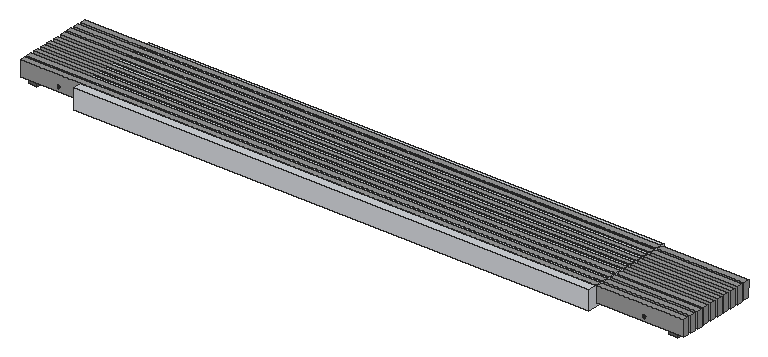
Revit family "1213-10, Veneer", category Generic Models, host Face, Revit 2020
Family settings
  Host = Face
  Can host rebar = No
  Round Connector Dimension = Use Diameter
  Part Type = Normal
  Cut with Voids When Loaded = No
  Shared = No
  Room Calculation Point = No
Parameters
  min_value [instance] = 1' - 11 1/4"  # constant formula
  max_value [instance] = 9' - 11 1/4"  # constant formula
  actual_value [instance] = if(NET LENGTH < min_value, min_value, if(NET LENGTH > max_value, max_value, NET LENGTH))  # 7' - 11 1/4"
  NET LENGTH [instance] = 7' - 11 1/4"
  IMPORTANT NOTE!!!                                                                             *Backer & dowel layout is for visualization purposes only, final layout to be determined by 9Wood. [instance] = ""
  Default Elevation = 4' - 0"
  DOWEL RADIUS [instance] = 0' - 0 1/4"  # constant formula
  BACKING M MATERIAL [instance] = BLACK-BACKERS
  .. MEMBER WIDTH [instance] = 0' - 0 3/4"  # constant formula
  .. MEMBER MATERIAL [instance] = Veneer Cherry
  .. MEMBER DEPTH [instance] = 0' - 2 1/4"  # constant formula
  .. MEMBER COUNT [instance] = 10  # constant formula
Reference planes (in)
  plane 1 "Center (Front/Back)": y = 0
  plane 2: z = 2.726
  plane 3 "Center (Left/Right)": x = 0
Forms (in)
  Extrusion 1, solid
    sketch origin (15, -0.86619, -0.99308) x (0, 1, 0) y (-1, 0, 0)
      loop
        line (3.42869, -23.66817) -> (3.42869, 50.25) -> (-10, 50.25) -> (-10, -23.66817) -> (3.42869, -23.66817)
    from 3.71908 to 1.00111
Dimensions and locks (in)
  aligned and locked: plane 2 to Extrusion 1
Nested families (in)
  nested 1: "1200 Series" at (-44, -2, 1.87867), NET LENGTH <- "actual_value", DOWEL RADII <- "DOWEL RADIUS", .. MEMBER WIDTH <- ".. MEMBER WIDTH", .. MEMBER DEPTH <- ".. MEMBER DEPTH", .. MEMBER MATERIAL <- ".. MEMBER MATERIAL", BACKING M MATERIAL <- "BACKING M MATERIAL", .. MEMBER COUNT <- ".. MEMBER COUNT", type "1200 Series"
    with X 7' - 4", WIDTH 1' - 0 1/16", Space 0' - 0 11/16", START 0' - 0 3/8", SCRIM MATERIAL SCRIM, SCRIM 3 8' - 1", SCRIM 2 0' - 0 7/8", SCRIM 1 0' - 0 3/32", SCRIM yes, NET LENGTH 7' - 11 1/4", N 8, INSET 3 0' - 0 3/16", INSET 0' - 1", INDEX 0' - 5 5/8", END BACKER yes, DOWEL RADII 0' - 0 1/4", DOWEL COUNT 8, BACKING M WIDTH 0' - 1 1/4", BACKING M MATERIAL BLACK-BACKERS, BACKING M LENGTH 0' - 11 7/8", BACKING M DEPTH 0' - 0 1/2", .. MEMBER WIDTH 0' - 0 3/4", .. MEMBER OC TYP 0' - 1.2", .. MEMBER MATERIAL Veneer Cherry, .. MEMBER DEPTH 0' - 2 1/4", .. MEMBER COUNT 10
Definition of nested family "1200 Series"
  Parameters (values of type "1200 Series")
    X [instance] = NET LENGTH - (0' 3 5/8" * 2)  # 6' - 2"
    WIDTH [instance] = 1' - 0 1/16"
    Space [instance] = 0' - 0 11/16"  # constant formula
    START [instance] = .. MEMBER WIDTH / 2  # 0' - 0 3/8"
    SCRIM MATERIAL [instance] = none
    SCRIM 3 [instance] = NET LENGTH + (SCRIM 2 * 2)  # 6' - 11"
    SCRIM 2 [instance] = 0' - 0 7/8"
    SCRIM 1 [instance] = 0' - 0 3/32"
    SCRIM [instance] = yes
    NET LENGTH [instance] = 6' - 9 1/4"
    N [instance] = if((X - (rounddown(X / 1' 0") * 1' 0")) > 1' 0", rounddown(X / 1' 0") + 2, rounddown(X / 1' 0") + 1)  # 7
    INSET 3 [instance] = 0' - 0 3/16"
    INSET [instance] = 0' - 1"
    INDEX [instance] = (NET LENGTH - ((N - 1) * 1' 0")) / 2  # 0' - 4 5/8"
    END BACKER [instance] = yes
    Default Elevation = 0' - 0"
    DOWEL RADII [instance] = 0' - 0 1/4"
    DOWEL COUNT [instance] = N  # 7
    BACKING M WIDTH [instance] = 0' - 1 1/4"
    BACKING M MATERIAL [instance] = none
    BACKING M LENGTH [instance] = 0' - 11 7/8"
    BACKING M DEPTH [instance] = 0' - 0 1/2"
    .. MEMBER WIDTH [instance] = 0' - 0 3/4"
    .. MEMBER OC TYP [instance] = 1' 0" / .. MEMBER COUNT  # 0' - 3"
    .. MEMBER MATERIAL [instance] = none
    .. MEMBER DEPTH [instance] = 0' - 1 3/8"
    .. MEMBER COUNT [instance] = 4
  Reference planes (in)
    plane 1 "Center (Front/Back)": y = -7.5
    plane 2: z = 0
    plane 3 "Center (Left/Right)": x = 0
    plane 4: x = 1
    plane 5: x = 4.625
    plane 6: x = 81.25
    plane 7: x = 80.25
    plane 8: x = 16.625
    plane 9: y = -7.3125
    plane 10: y = -4.125
    plane 11: y = -7.125
    plane 12: y = 4.5625
    plane 13: y = -4.5
    plane 14: y = -7.59375
    plane 15: x = 82.125
    plane 16: y = 4.65625
    plane 17: x = -0.875
    plane 18: z = -1.375
    plane 19: z = -0.6875
  Lines and regions (in)
    model lines
      curve 1: line (4.375, -7.5, -0.6875) -> (4.875, -7.5, -0.6875)
    model lines, not visible
      curve 2: line (4.625, -7.5, -0.9375) -> (4.625, -7.5, -0.4375)
      curve 3: line (4.375, -7.5, -0.6875) -> (4.875, -7.5, -0.6875)
      curve 4: line (16.625, -7.5, -0.9375) -> (16.625, -7.5, -0.4375)
      curve 5: line (16.375, -7.5, -0.6875) -> (16.875, -7.5, -0.6875)
      curve 6: line (28.625, -7.5, -0.9375) -> (28.625, -7.5, -0.4375)
      curve 7: line (28.375, -7.5, -0.6875) -> (28.875, -7.5, -0.6875)
      curve 8: line (40.625, -7.5, -0.9375) -> (40.625, -7.5, -0.4375)
      curve 9: line (40.375, -7.5, -0.6875) -> (40.875, -7.5, -0.6875)
      curve 10: line (52.625, -7.5, -0.9375) -> (52.625, -7.5, -0.4375)
      curve 11: line (52.375, -7.5, -0.6875) -> (52.875, -7.5, -0.6875)
      curve 12: line (64.625, -7.5, -0.9375) -> (64.625, -7.5, -0.4375)
      curve 13: line (64.375, -7.5, -0.6875) -> (64.875, -7.5, -0.6875)
      curve 14: line (76.625, -7.5, -0.9375) -> (76.625, -7.5, -0.4375)
      curve 15: line (76.375, -7.5, -0.6875) -> (76.875, -7.5, -0.6875)
  Dimensions and locks (in)
    "NET LENGTH": plane 3 "Center (Left/Right)" to plane 6
    "INSET": plane 7 to plane 6
    "INDEX": plane 3 "Center (Left/Right)" to plane 5
    plane 5 to plane 8 = 1' - 0"
    "INSET 3": plane 1 "Center (Front/Back)" to plane 9
    equal spacing: group 1, group 2, group 3, group 4  (x3)
    "START": plane 11 to plane 1 "Center (Front/Back)"
    ".. MEMBER OC TYP": plane 10 to plane 11
    "WIDTH": plane 12 to plane 1 "Center (Front/Back)"
    "START": plane 10 to plane 13
    "SCRIM 1": plane 14 to plane 1 "Center (Front/Back)"
    "SCRIM 2": plane 6 to plane 15
    "SCRIM 1": plane 12 to plane 16
    "SCRIM 2": plane 17 to plane 3 "Center (Left/Right)"
    "INSET": plane 3 "Center (Left/Right)" to plane 4
    equal spacing: group 5, group 6, group 7, group 8, group 9, group 10, group 11  (x3)
    "Space": plane 19 to plane 18
    aligned and locked: level to plane 2
    aligned and locked: nested 1 to plane 4  (x2)
    aligned and locked: plane 7 to nested 2
    aligned and locked: plane 5 to nested 3
    aligned and locked: nested 1 to plane 9
    aligned and locked: plane 1 "Center (Front/Back)" to nested 4
    aligned and locked: plane 9 to nested 2
    aligned and locked: plane 13 to nested 5
    aligned and locked: nested 3 to plane 9
    aligned and locked: plane 18 to nested 1
    aligned and locked: plane 19 to nested 3
    aligned and locked: curve 1 to plane 19
    aligned and locked: plane 8 to curve 4
    aligned and locked: curve 5 to plane 19
    aligned and locked: nested 4 to plane 18
  Automatic sketch dimensions
    curve 1 to curve 1 = 0' - 0 1/2"
    curve 1 to plane 5 = 0' - 0 1/4"
    plane 5 to curve 1 = 0' - 0 1/4"
    curve 3 to curve 2 = 0' - 0 1/4"  (x2)
    curve 2 to curve 3 = 0' - 0 1/4"  (x2)
    curve 5 to curve 4 = 0' - 0 1/4"  (x2)
    curve 4 to curve 5 = 0' - 0 1/4"  (x2)
    curve 7 to curve 6 = 0' - 0 1/4"  (x2)
    curve 6 to curve 7 = 0' - 0 1/4"  (x2)
    curve 9 to curve 8 = 0' - 0 1/4"  (x2)
    curve 8 to curve 9 = 0' - 0 1/4"  (x2)
    curve 11 to curve 10 = 0' - 0 1/4"  (x2)
    curve 10 to curve 11 = 0' - 0 1/4"  (x2)
    curve 13 to curve 12 = 0' - 0 1/4"  (x2)
    curve 12 to curve 13 = 0' - 0 1/4"  (x2)
    curve 15 to curve 14 = 0' - 0 1/4"  (x2)
    curve 14 to curve 15 = 0' - 0 1/4"  (x2)
  Nested families (in)
    nested 1: "INSTANCE - 2ND -  EXTEND SIDE H CENTER W - Parametric Cube" at (1, -1.375, -1.375) x (0, -1, 0) z (0, 0, 1), Width <- "BACKING M LENGTH", Length <- "BACKING M WIDTH", Material <- "BACKING M MATERIAL", Height <- "BACKING M DEPTH", visible <- "END BACKER", type "INSTANCE - 2ND -  EXTEND SIDE H CENTER W - Parametric Cube"
      with Width 0' - 11 7/8", Material none, Length 0' - 1 1/4", Height 0' - 0 1/2"
    nested 2: "INSTANCE - 2ND -  EXTEND SIDE H CENTER W - Parametric Cube" at (80.25, -1.375, -1.375) x (0, -1, 0) z (0, 0, 1), Width <- "BACKING M LENGTH", Length <- "BACKING M WIDTH", Material <- "BACKING M MATERIAL", Height <- "BACKING M DEPTH", visible <- "END BACKER", type "INSTANCE - 2ND -  EXTEND SIDE H CENTER W - Parametric Cube"
      with Width 0' - 11 7/8", Material none, Length 0' - 1 1/4", Height 0' - 0 1/2"
    nested 3: "Family3" at (-5.375, -7.3125, -0.6875), DOWEL RADII <- "DOWEL RADII", BACKING MEM MATERIAL <- "BACKING M MATERIAL", type "Family3"
      with DOWEL RADII 0' - 0 1/4", DOWEL LENGTH 0' - 11 7/8", BACKING MEM MATERIAL none
    nested 4: "HOLED MEMBER" at (0, -18.75, 6.19404), DOWEL RADII <- "DOWEL RADII", .. MEMBER LENGTH <- "NET LENGTH", DOWEL COUNT <- "DOWEL COUNT", DEPTH <- ".. MEMBER DEPTH", .. MEMBER WIDTH <- ".. MEMBER WIDTH", Material <- ".. MEMBER MATERIAL", DOWEL INDEX <- "INDEX", Space 2 <- "Space", type "HOLED MEMBER"
      with Width 0' - 6", Space 2 0' - 0 11/16", Material none, Length 1' - 0", Height 0' - 10.43096", DOWEL RADII 0' - 0 1/4", DOWEL OC DIST 1' - 0", DOWEL INDEX 0' - 4 5/8", DOWEL COUNT 7, DEPTH 0' - 1 3/8", .. MEMBER WIDTH 0' - 0 3/4", .. MEMBER LENGTH 6' - 9 1/4"
    nested 5: "HOLED MEMBER" at (0, -15.75, 6.19404), DOWEL RADII <- "DOWEL RADII", .. MEMBER LENGTH <- "NET LENGTH", DOWEL COUNT <- "DOWEL COUNT", DEPTH <- ".. MEMBER DEPTH", .. MEMBER WIDTH <- ".. MEMBER WIDTH", Material <- ".. MEMBER MATERIAL", DOWEL INDEX <- "INDEX", Space 2 <- "Space", type "HOLED MEMBER"
      with Width 0' - 6", Space 2 0' - 0 11/16", Material none, Length 1' - 0", Height 0' - 10.43096", DOWEL RADII 0' - 0 1/4", DOWEL OC DIST 1' - 0", DOWEL INDEX 0' - 4 5/8", DOWEL COUNT 7, DEPTH 0' - 1 3/8", .. MEMBER WIDTH 0' - 0 3/4", .. MEMBER LENGTH 6' - 9 1/4"
    nested 6: "HOLED MEMBER" at (0, -12.75, 6.19404), DOWEL RADII <- "DOWEL RADII", .. MEMBER LENGTH <- "NET LENGTH", DOWEL COUNT <- "DOWEL COUNT", DEPTH <- ".. MEMBER DEPTH", .. MEMBER WIDTH <- ".. MEMBER WIDTH", Material <- ".. MEMBER MATERIAL", DOWEL INDEX <- "INDEX", Space 2 <- "Space", type "HOLED MEMBER"
      with Width 0' - 6", Space 2 0' - 0 11/16", Material none, Length 1' - 0", Height 0' - 10.43096", DOWEL RADII 0' - 0 1/4", DOWEL OC DIST 1' - 0", DOWEL INDEX 0' - 4 5/8", DOWEL COUNT 7, DEPTH 0' - 1 3/8", .. MEMBER WIDTH 0' - 0 3/4", .. MEMBER LENGTH 6' - 9 1/4"
    nested 7: "HOLED MEMBER" at (0, -9.75, 6.19404), DOWEL RADII <- "DOWEL RADII", .. MEMBER LENGTH <- "NET LENGTH", DOWEL COUNT <- "DOWEL COUNT", DEPTH <- ".. MEMBER DEPTH", .. MEMBER WIDTH <- ".. MEMBER WIDTH", Material <- ".. MEMBER MATERIAL", DOWEL INDEX <- "INDEX", Space 2 <- "Space", type "HOLED MEMBER"
      with Width 0' - 6", Space 2 0' - 0 11/16", Material none, Length 1' - 0", Height 0' - 10.43096", DOWEL RADII 0' - 0 1/4", DOWEL OC DIST 1' - 0", DOWEL INDEX 0' - 4 5/8", DOWEL COUNT 7, DEPTH 0' - 1 3/8", .. MEMBER WIDTH 0' - 0 3/4", .. MEMBER LENGTH 6' - 9 1/4"
    nested 8: "Family3" at (6.625, -7.3125, -0.6875), DOWEL RADII <- "DOWEL RADII", BACKING MEM MATERIAL <- "BACKING M MATERIAL", type "Family3"
      with DOWEL RADII 0' - 0 1/4", DOWEL LENGTH 0' - 11 7/8", BACKING MEM MATERIAL none
    nested 9: "Family3" at (18.625, -7.3125, -0.6875), DOWEL RADII <- "DOWEL RADII", BACKING MEM MATERIAL <- "BACKING M MATERIAL", type "Family3"
      with DOWEL RADII 0' - 0 1/4", DOWEL LENGTH 0' - 11 7/8", BACKING MEM MATERIAL none
    nested 10: "Family3" at (30.625, -7.3125, -0.6875), DOWEL RADII <- "DOWEL RADII", BACKING MEM MATERIAL <- "BACKING M MATERIAL", type "Family3"
      with DOWEL RADII 0' - 0 1/4", DOWEL LENGTH 0' - 11 7/8", BACKING MEM MATERIAL none
    nested 11: "Family3" at (42.625, -7.3125, -0.6875), DOWEL RADII <- "DOWEL RADII", BACKING MEM MATERIAL <- "BACKING M MATERIAL", type "Family3"
      with DOWEL RADII 0' - 0 1/4", DOWEL LENGTH 0' - 11 7/8", BACKING MEM MATERIAL none
    nested 12: "Family3" at (54.625, -7.3125, -0.6875), DOWEL RADII <- "DOWEL RADII", BACKING MEM MATERIAL <- "BACKING M MATERIAL", type "Family3"
      with DOWEL RADII 0' - 0 1/4", DOWEL LENGTH 0' - 11 7/8", BACKING MEM MATERIAL none
    nested 13: "Family3" at (66.625, -7.3125, -0.6875), DOWEL RADII <- "DOWEL RADII", BACKING MEM MATERIAL <- "BACKING M MATERIAL", type "Family3"
      with DOWEL RADII 0' - 0 1/4", DOWEL LENGTH 0' - 11 7/8", BACKING MEM MATERIAL none
  Definition of nested family "INSTANCE - 2ND -  EXTEND SIDE H CENTER W - Parametric Cube"
    Parameters (values of type "INSTANCE - 2ND -  EXTEND SIDE H CENTER W - Parametric Cube")
      Width [instance] = 0' - 6"
      Material [instance] = none
      Length [instance] = 1' - 0"
      Height [instance] = 1' - 6"
      Default Elevation = 0' - 0"
    Reference planes (in)
      plane 1 "Center (Front/Back)": y = 0
      plane 2: z = 0
      plane 3 "Center (Left/Right)": x = 0
      plane 4: x = -3
      plane 5: x = 3
      plane 6: y = 12
      plane 7: z = -18
    Forms (in)
      Extrusion 1, solid, material <- "Material"
        sketch origin (0, 6, 0) x (1, 0, 0) y (0, 1, 0)
          loop
            line (-3, 6) -> (-3, -6) -> (3, -6) -> (3, 6) -> (-3, 6)
        from -18 to 0
    Dimensions and locks (in)
      equal spacing: plane 4, plane 3 "Center (Left/Right)", plane 5
      "Width": plane 4 to plane 5
      "Height": plane 7 to level
      "Length": plane 1 "Center (Front/Back)" to plane 6
      aligned and locked: plane 2 to level
      aligned and locked: plane 4 to Extrusion 1 sketch curve
      aligned and locked: Extrusion 1 sketch curve to plane 5
      aligned and locked: Extrusion 1 to plane 7
      aligned and locked: plane 6 to Extrusion 1
    Automatic sketch dimensions
      plane 1 "Center (Front/Back)" to Extrusion 1 sketch curve = 0' - 0"
      plane 6 to Extrusion 1 sketch curve = 0' - 0"
  Definition of nested family "Family3"
    Parameters (values of type "Family3")
      Default Elevation = 0' - 0"
      DOWEL RADII [instance] = 0' - 0 5/8"
      DOWEL LENGTH [instance] = 0' - 5"
      BACKING MEM MATERIAL [instance] = none
    Reference planes (in)
      plane 1 "Center (Front/Back)": y = 0
      plane 2: z = 0
      plane 3 "Center (Left/Right)": x = 0
      plane 4: y = 5
    Forms (in)
      Extrusion 1, solid, material <- "BACKING MEM MATERIAL"
        sketch origin (10, 0, 0) x (1, 0, 0) y (0, 0, 1)
          loop
            circle (0, 0) r 0.625
        from 0 to -5
      Extrusion 2, solid, not visible
        sketch origin (0, 0, 0) x (1, 0, 0) y (0, 0, 1)
          loop
            circle (0, 0) r 0.625
        from 0 to 12
      Extrusion 3, solid, not visible
        sketch origin (10, 0, 0) x (1, 0, 0) y (0, 0, 1)
          loop
            circle (0, 0) r 0.625
        from 0 to 2.5
      Extrusion 4, solid, not visible
        sketch origin (10, 0, 0) x (1, 0, 0) y (0, 0, 1)
          loop
            circle (0, 0) r 0.625
        from 0 to -12
    Lines and regions (in)
      model lines, not visible
        curve 1: line (-13, 0, 0) -> (-13, -12, 0)
        curve 2: line (13, 0, 0) -> (13, -12, 0)
        curve 3: line (9.89453, 0, 0) -> (10.08794, 0, 0)
        curve 4: line (9.89453, -2.5, 0) -> (10.08794, -2.5, 0)
        curve 6: line (10, 0, 0) -> (10, 2, 0)
      model lines
        curve 5: line (10, 0, 0) -> (10, 2, 0)
    Dimensions and locks (in)
      "DOWEL LENGTH": plane 1 "Center (Front/Back)" to plane 4
      "DOWEL RADII": radius of Extrusion 1 sketch curve
      "DOWEL RADII": radius of Extrusion 2 sketch curve
      "DOWEL RADII": radius of Extrusion 3 sketch curve
      "DOWEL RADII": radius of Extrusion 4 sketch curve
      "DOWEL RADII": radius of Extrusion 1
      aligned and locked: plane 2 to level
      aligned and locked: Extrusion 1 to plane 1 "Center (Front/Back)"  (x3)
      aligned and locked: plane 1 "Center (Front/Back)" to Extrusion 1
      aligned and locked: plane 4 to Extrusion 1
    Automatic sketch dimensions
      plane 1 "Center (Front/Back)" to curve 5 = 0' - 0"
      curve 5 to plane 1 "Center (Front/Back)" = 0' - 2"
      plane 3 "Center (Left/Right)" to curve 5 = 0' - 10"
      Extrusion 1 sketch curve to level = 0' - 0"
      plane 3 "Center (Left/Right)" to Extrusion 1 sketch curve = 0' - 10"
  Definition of nested family "HOLED MEMBER"
    Parameters (values of type "HOLED MEMBER")
      Width [instance] = 0' - 6"
      Space 2 [instance] = 0' - 0 5/8"
      Space = 0' - 0 5/8"
      Material [instance] = none
      Length [instance] = 1' - 0"
      Height [instance] = 0' - 10.43096"
      Default Elevation = 0' - 0"
      DOWEL RADII [instance] = 0' - 0.34537"
      DOWEL OC DIST [instance] = 1' - 0"
      DOWEL INSET = 0' - 0 5/8"
      DOWEL INDEX [instance] = 0' - 5 5/8"
      DOWEL COUNT [instance] = 6
      DEPTH [instance] = 0' - 2"
      .. MEMBER WIDTH [instance] = 0' - 0 5/8"
      .. MEMBER LENGTH [instance] = 5' - 11 3/4"
    Reference planes (in)
      plane 1 "Center (Front/Back)": y = 12
      plane 2: z = -7.56904
      plane 3 "Center (Left/Right)": x = 0
      plane 4: x = 5.625
      plane 5: x = 17.625
      plane 6: y = 11.375
      plane 7: x = 71.75
      plane 8: z = -6.94404
      plane 9: z = -5.56904
    Forms (in)
      Extrusion 1, solid, material <- "Material"
        sketch origin (0, 12, -13.56904) x (1, 0, 0) y (0, 0, 1)
          loop
            line (0, 6) -> (71.75, 6) -> (71.75, 8) -> (0, 8) -> (0, 6)
        from 0.625 to 0
      Extrusion 2, void
        sketch origin (0, 12, -18.31904) x (1, 0, 0) y (0, 0, 1)
          loop
            circle (5.625, 11.375) r 0.34537
        from 0 to 12
      Extrusion 3, void, not visible
        sketch origin (0, 1.25, 0) x (1, 0, 0) y (0, 1, 0)
          loop
            circle (5.625, 11.375) r 0.34537
        from 0 to 12
      Extrusion 4, void, not visible
        sketch origin (0, 1.25, 0) x (1, 0, 0) y (0, 1, 0)
          loop
            circle (5.625, 11.375) r 0.34537
        from 0 to 12
      Extrusion 5, void, not visible
        sketch origin (12, 1.25, 0) x (1, 0, 0) y (0, 1, 0)
          loop
            circle (5.625, 11.375) r 0.34537
        from 0 to 12
      Extrusion 6, void, not visible
        sketch origin (0, 12, -16.31904) x (1, 0, 0) y (0, 0, 1)
          loop
            circle (5.625, 11.375) r 0.34537
        from 0 to 12
      Extrusion 7, void, not visible
        sketch origin (12, 12, -16.31904) x (1, 0, 0) y (0, 0, 1)
          loop
            circle (5.625, 11.375) r 0.34537
        from 0 to 12
      Extrusion 8, void, not visible
        sketch origin (0, 12, -18.31904) x (1, 0, 0) y (0, 0, 1)
          loop
            circle (5.625, 11.375) r 0.34537
        from 0 to 12
      Extrusion 9, void
        sketch origin (12, 12, -18.31904) x (1, 0, 0) y (0, 0, 1)
          loop
            circle (5.625, 11.375) r 0.34537
        from 0 to 12
      Extrusion 10, void, not visible
        sketch origin (24, 12, -16.31904) x (1, 0, 0) y (0, 0, 1)
          loop
            circle (5.625, 11.375) r 0.34537
        from 0 to 12
      Extrusion 11, void, not visible
        sketch origin (36, 12, -16.31904) x (1, 0, 0) y (0, 0, 1)
          loop
            circle (5.625, 11.375) r 0.34537
        from 0 to 12
      Extrusion 12, void, not visible
        sketch origin (48, 12, -16.31904) x (1, 0, 0) y (0, 0, 1)
          loop
            circle (5.625, 11.375) r 0.34537
        from 0 to 12
      Extrusion 13, void, not visible
        sketch origin (60, 12, -16.31904) x (1, 0, 0) y (0, 0, 1)
          loop
            circle (5.625, 11.375) r 0.34537
        from 0 to 12
      Extrusion 14, void, not visible
        sketch origin (24, 1.25, 0) x (1, 0, 0) y (0, 1, 0)
          loop
            circle (5.625, 11.375) r 0.34537
        from 0 to 12
      Extrusion 15, void, not visible
        sketch origin (36, 1.25, 0) x (1, 0, 0) y (0, 1, 0)
          loop
            circle (5.625, 11.375) r 0.34537
        from 0 to 12
      Extrusion 16, void, not visible
        sketch origin (48, 1.25, 0) x (1, 0, 0) y (0, 1, 0)
          loop
            circle (5.625, 11.375) r 0.34537
        from 0 to 12
      Extrusion 17, void, not visible
        sketch origin (60, 1.25, 0) x (1, 0, 0) y (0, 1, 0)
          loop
            circle (5.625, 11.375) r 0.34537
        from 0 to 12
      Extrusion 18, void
        sketch origin (24, 12, -18.31904) x (1, 0, 0) y (0, 0, 1)
          loop
            circle (5.625, 11.375) r 0.34537
        from 0 to 12
      Extrusion 19, void
        sketch origin (36, 12, -18.31904) x (1, 0, 0) y (0, 0, 1)
          loop
            circle (5.625, 11.375) r 0.34537
        from 0 to 12
      Extrusion 20, void
        sketch origin (48, 12, -18.31904) x (1, 0, 0) y (0, 0, 1)
          loop
            circle (5.625, 11.375) r 0.34537
        from 0 to 12
      Extrusion 21, void
        sketch origin (60, 12, -18.31904) x (1, 0, 0) y (0, 0, 1)
          loop
            circle (5.625, 11.375) r 0.34537
        from 0 to 12
    Cuts and joins
      Extrusion 2, Extrusion 9, Extrusion 18, Extrusion 19, Extrusion 20, Extrusion 21 cuts Extrusion 1
    Lines and regions (in)
      model lines, not visible
        curve 1: line (5.625, 11.72037, 0) -> (5.625, 11.02963, 0)
        curve 2: line (5.625, 11.72037, 0) -> (5.625, 11.02963, 0)
        curve 3: line (17.625, 11.72037, 0) -> (17.625, 11.02963, 0)
        curve 4: line (5.625, 12, -7.56904) -> (5.625, 11.87317, -7.56904)
        curve 5: line (5.625, 11.87317, -7.56904) -> (5.06195, 11.87317, -7.56904)
        curve 6: line (5.06195, 11.87317, -7.56904) -> (5.27963, 11.375, -7.56904)
        curve 7: line (0, 12, -6.19404) -> (0, 11.61951, -6.19404)
        curve 8: line (0, 11.375, -8.19404) -> (0, 11.6747, -8.19404)
        curve 9: line (5.625, 12, -7.56904) -> (5.625, 11.69863, -7.56904)
        curve 11: line (5.625, 12, 0) -> (5.625, 12, 0.30137)
        curve 12: line (5.625, 12, 0) -> (5.625, 12, 0.30137)
        curve 13: line (17.625, 12, 0) -> (17.625, 12, 0.30137)
        curve 14: line (5.625, 12, -5.56904) -> (5.625, 11.69863, -5.56904)
        curve 15: line (17.625, 12, -5.56904) -> (17.625, 11.69863, -5.56904)
        curve 16: line (5.625, 12, -7.56904) -> (5.625, 11.69863, -7.56904)
        curve 18: line (29.625, 12, -5.56904) -> (29.625, 11.69863, -5.56904)
        curve 19: line (41.625, 12, -5.56904) -> (41.625, 11.69863, -5.56904)
        curve 20: line (53.625, 12, -5.56904) -> (53.625, 11.69863, -5.56904)
        curve 21: line (65.625, 12, -5.56904) -> (65.625, 11.69863, -5.56904)
        curve 22: line (29.625, 11.72037, 0) -> (29.625, 11.02963, 0)
        curve 23: line (29.625, 12, 0) -> (29.625, 12, 0.30137)
        curve 24: line (41.625, 11.72037, 0) -> (41.625, 11.02963, 0)
        curve 25: line (41.625, 12, 0) -> (41.625, 12, 0.30137)
        curve 26: line (53.625, 11.72037, 0) -> (53.625, 11.02963, 0)
        curve 27: line (53.625, 12, 0) -> (53.625, 12, 0.30137)
        curve 28: line (65.625, 11.72037, 0) -> (65.625, 11.02963, 0)
        curve 29: line (65.625, 12, 0) -> (65.625, 12, 0.30137)
        curve 35: line (5.27963, 12.625, 0) -> (5.97037, 12.625, 0)
        curve 36: line (5.27963, 12.625, 0) -> (5.97037, 12.625, 0)
        curve 37: line (17.27963, 12.625, 0) -> (17.97037, 12.625, 0)
        curve 38: line (5.27963, 12, -4.94404) -> (5.97037, 12, -4.94404)
        curve 39: line (17.27963, 12, -4.94404) -> (17.97037, 12, -4.94404)
        curve 40: line (5.27963, 12, -6.94404) -> (5.97037, 12, -6.94404)
        curve 42: line (29.27963, 12, -4.94404) -> (29.97037, 12, -4.94404)
        curve 43: line (41.27963, 12, -4.94404) -> (41.97037, 12, -4.94404)
        curve 44: line (53.27963, 12, -4.94404) -> (53.97037, 12, -4.94404)
        curve 45: line (65.27963, 12, -4.94404) -> (65.97037, 12, -4.94404)
        curve 46: line (29.27963, 12.625, 0) -> (29.97037, 12.625, 0)
        curve 47: line (41.27963, 12.625, 0) -> (41.97037, 12.625, 0)
        curve 48: line (53.27963, 12.625, 0) -> (53.97037, 12.625, 0)
        curve 49: line (65.27963, 12.625, 0) -> (65.97037, 12.625, 0)
        curve 54: line (0, 12, -6.94404) -> (0, 4.22059, -6.94404)
        curve 55: line (0, 12.625, 0) -> (0, 12.625, 7.77941)
        curve 56: line (0, 12.625, 0) -> (0, 12.625, 7.77941)
        curve 57: line (12, 12.625, 0) -> (12, 12.625, 7.77941)
        curve 58: line (0, 12, -4.94404) -> (0, 4.22059, -4.94404)
        curve 59: line (12, 12, -4.94404) -> (12, 4.22059, -4.94404)
        curve 60: line (0, 12, -6.94404) -> (0, 4.22059, -6.94404)
        curve 61: line (12, 12, -6.94404) -> (12, 4.22059, -6.94404)
        curve 62: line (24, 12, -4.94404) -> (24, 4.22059, -4.94404)
        curve 63: line (36, 12, -4.94404) -> (36, 4.22059, -4.94404)
        curve 64: line (48, 12, -4.94404) -> (48, 4.22059, -4.94404)
        curve 65: line (60, 12, -4.94404) -> (60, 4.22059, -4.94404)
        curve 66: line (24, 12.625, 0) -> (24, 12.625, 7.77941)
        curve 67: line (36, 12.625, 0) -> (36, 12.625, 7.77941)
        curve 68: line (48, 12.625, 0) -> (48, 12.625, 7.77941)
        curve 69: line (60, 12.625, 0) -> (60, 12.625, 7.77941)
        curve 70: line (24, 12, -6.94404) -> (24, 4.22059, -6.94404)
        curve 71: line (36, 12, -6.94404) -> (36, 4.22059, -6.94404)
        curve 72: line (48, 12, -6.94404) -> (48, 4.22059, -6.94404)
        curve 73: line (60, 12, -6.94404) -> (60, 4.22059, -6.94404)
      model lines
        curve 10: line (5.625, 12, -7.56904) -> (5.625, 11.69863, -7.56904)
        curve 17: line (17.625, 12, -7.56904) -> (17.625, 11.69863, -7.56904)
        curve 30: line (29.625, 12, -7.56904) -> (29.625, 11.69863, -7.56904)
        curve 31: line (41.625, 12, -7.56904) -> (41.625, 11.69863, -7.56904)
        curve 32: line (53.625, 12, -7.56904) -> (53.625, 11.69863, -7.56904)
        curve 33: line (65.625, 12, -7.56904) -> (65.625, 11.69863, -7.56904)
        curve 34: line (5.27963, 12, -6.94404) -> (5.97037, 12, -6.94404)
        curve 41: line (17.27963, 12, -6.94404) -> (17.97037, 12, -6.94404)
        curve 50: line (29.27963, 12, -6.94404) -> (29.97037, 12, -6.94404)
        curve 51: line (41.27963, 12, -6.94404) -> (41.97037, 12, -6.94404)
        curve 52: line (53.27963, 12, -6.94404) -> (53.97037, 12, -6.94404)
        curve 53: line (65.27963, 12, -6.94404) -> (65.97037, 12, -6.94404)
    Dimensions and locks (in)
      "DOWEL INDEX": plane 3 "Center (Left/Right)" to plane 4
      "DOWEL OC DIST": plane 4 to plane 5
      ".. MEMBER LENGTH": plane 3 "Center (Left/Right)" to plane 7
      equal spacing: group 3, group 4, group 17, group 18, group 19, group 20  (x3)
      equal spacing: group 7, group 8, group 13, group 14, group 15, group 16  (x3)
      equal spacing: group 1, group 12, group 21, group 22, group 23, group 24  (x3)
      ".. MEMBER WIDTH": plane 6 to plane 1 "Center (Front/Back)"
      "DEPTH": plane 9 to level
      "Space 2": plane 8 to level
      "DOWEL RADII": radius of Extrusion 2 sketch curve
      "DOWEL RADII": radius of Extrusion 3 sketch curve
      "DOWEL RADII": radius of Extrusion 4 sketch curve
      "DOWEL RADII": radius of Extrusion 5 sketch curve
      "DOWEL RADII": radius of Extrusion 6 sketch curve
      "DOWEL RADII": radius of Extrusion 7 sketch curve
      "DOWEL RADII": radius of Extrusion 8 sketch curve
      "DOWEL RADII": radius of Extrusion 9 sketch curve
      "DOWEL RADII": radius of Extrusion 10 sketch curve
      "DOWEL RADII": radius of Extrusion 11 sketch curve
      "DOWEL RADII": radius of Extrusion 12 sketch curve
      "DOWEL RADII": radius of Extrusion 13 sketch curve
      "DOWEL RADII": radius of Extrusion 14 sketch curve
      "DOWEL RADII": radius of Extrusion 15 sketch curve
      "DOWEL RADII": radius of Extrusion 16 sketch curve
      "DOWEL RADII": radius of Extrusion 17 sketch curve
      "DOWEL RADII": radius of Extrusion 18 sketch curve
      "DOWEL RADII": radius of Extrusion 19 sketch curve
      "DOWEL RADII": radius of Extrusion 20 sketch curve
      "DOWEL RADII": radius of Extrusion 21 sketch curve
      aligned and locked: level to plane 2
      aligned and locked: Extrusion 1 to plane 3 "Center (Left/Right)"  (x2)
      aligned and locked: plane 7 to cut or joined group of Extrusion 1, Extrusion 2, Extrusion 9, Extrusion 18, Extrusion 19, Extrusion 20, Extrusion 21  (x2)
      aligned and locked: cut or joined group of Extrusion 1, Extrusion 2, Extrusion 9, Extrusion 18, Extrusion 19, Extrusion 20, Extrusion 21 to plane 1 "Center (Front/Back)"  (x2)
      aligned and locked: cut or joined group of Extrusion 1, Extrusion 2, Extrusion 9, Extrusion 18, Extrusion 19, Extrusion 20, Extrusion 21 to plane 6  (x2)
      aligned and locked: plane 4 to curve 10
      aligned and locked: plane 5 to curve 17
      aligned and locked: plane 9 to cut or joined group of Extrusion 1, Extrusion 2, Extrusion 9, Extrusion 18, Extrusion 19, Extrusion 20, Extrusion 21  (x2)
      aligned and locked: cut or joined group of Extrusion 1, Extrusion 2, Extrusion 9, Extrusion 18, Extrusion 19, Extrusion 20, Extrusion 21 to level
      aligned and locked: plane 8 to Extrusion 2
      aligned and locked: curve 34 to plane 8
      aligned and locked: curve 41 to plane 8
      aligned and locked: level to curve 10
      aligned and locked: curve 10 to level
      aligned and locked: plane 8 to cut or joined group of Extrusion 1, Extrusion 2, Extrusion 9, Extrusion 18, Extrusion 19, Extrusion 20, Extrusion 21
      aligned and locked: curve 54 to plane 8
    Automatic sketch dimensions
      curve 1 to curve 1 = 0' - 0.69074"
      curve 2 to curve 2 = 0' - 0.69074"
      curve 3 to curve 3 = 0' - 0.69074"
      Extrusion 1 sketch curve to plane 3 "Center (Left/Right)" = 0' - 0"
      Extrusion 1 sketch curve to plane 7 = 0' - 0"
      Extrusion 1 sketch curve to Extrusion 1 sketch curve = 0' - 2"
      level to Extrusion 1 sketch curve = 0' - 0"
      curve 9 to curve 9 = 0' - 0.30137"
      curve 10 to curve 10 = 0' - 0.30137"
      curve 11 to curve 11 = 0' - 0.30137"
      curve 12 to curve 12 = 0' - 0.30137"
      curve 13 to curve 13 = 0' - 0.30137"
      curve 14 to curve 14 = 0' - 0.30137"
      curve 15 to curve 15 = 0' - 0.30137"
      curve 16 to curve 16 = 0' - 0.30137"
      curve 17 to curve 17 = 0' - 0.30137"
      curve 18 to curve 18 = 0' - 0.30137"
      curve 19 to curve 19 = 0' - 0.30137"
      curve 20 to curve 20 = 0' - 0.30137"
      curve 21 to curve 21 = 0' - 0.30137"
      curve 22 to curve 22 = 0' - 0.69074"
      curve 23 to curve 23 = 0' - 0.30137"
      curve 24 to curve 24 = 0' - 0.69074"
      curve 25 to curve 25 = 0' - 0.30137"
      curve 26 to curve 26 = 0' - 0.69074"
      curve 27 to curve 27 = 0' - 0.30137"
      curve 28 to curve 28 = 0' - 0.69074"
      curve 29 to curve 29 = 0' - 0.30137"
      curve 30 to curve 30 = 0' - 0.30137"
      curve 31 to curve 31 = 0' - 0.30137"
      curve 32 to curve 32 = 0' - 0.30137"
      curve 33 to curve 33 = 0' - 0.30137"
      curve 34 to curve 34 = 0' - 0.69074"
      curve 35 to curve 35 = 0' - 0.69074"
      curve 36 to curve 36 = 0' - 0.69074"
      curve 37 to curve 37 = 0' - 0.69074"
      curve 38 to curve 38 = 0' - 0.69074"
      curve 39 to curve 39 = 0' - 0.69074"
      curve 40 to curve 40 = 0' - 0.69074"
      curve 41 to curve 41 = 0' - 0.69074"
      curve 42 to curve 42 = 0' - 0.69074"
      curve 43 to curve 43 = 0' - 0.69074"
      curve 44 to curve 44 = 0' - 0.69074"
      curve 45 to curve 45 = 0' - 0.69074"
      curve 46 to curve 46 = 0' - 0.69074"
      curve 47 to curve 47 = 0' - 0.69074"
      curve 48 to curve 48 = 0' - 0.69074"
      curve 49 to curve 49 = 0' - 0.69074"
      curve 50 to curve 50 = 0' - 0.69074"
      curve 51 to curve 51 = 0' - 0.69074"
      curve 52 to curve 52 = 0' - 0.69074"
      curve 53 to curve 53 = 0' - 0.69074"
      curve 54 to curve 54 = 0' - 7.77941"
      curve 55 to curve 55 = 0' - 7.77941"
      curve 56 to curve 56 = 0' - 7.77941"
      curve 57 to curve 57 = 0' - 7.77941"
      curve 58 to curve 58 = 0' - 7.77941"
      curve 59 to curve 59 = 0' - 7.77941"
      curve 60 to curve 60 = 0' - 7.77941"
      curve 61 to curve 61 = 0' - 7.77941"
      curve 62 to curve 62 = 0' - 7.77941"
      curve 63 to curve 63 = 0' - 7.77941"
      curve 64 to curve 64 = 0' - 7.77941"
      curve 65 to curve 65 = 0' - 7.77941"
      curve 66 to curve 66 = 0' - 7.77941"
      curve 67 to curve 67 = 0' - 7.77941"
      curve 68 to curve 68 = 0' - 7.77941"
      curve 69 to curve 69 = 0' - 7.77941"
      curve 70 to curve 70 = 0' - 7.77941"
      curve 71 to curve 71 = 0' - 7.77941"
      curve 72 to curve 72 = 0' - 7.77941"
      curve 73 to curve 73 = 0' - 7.77941"
